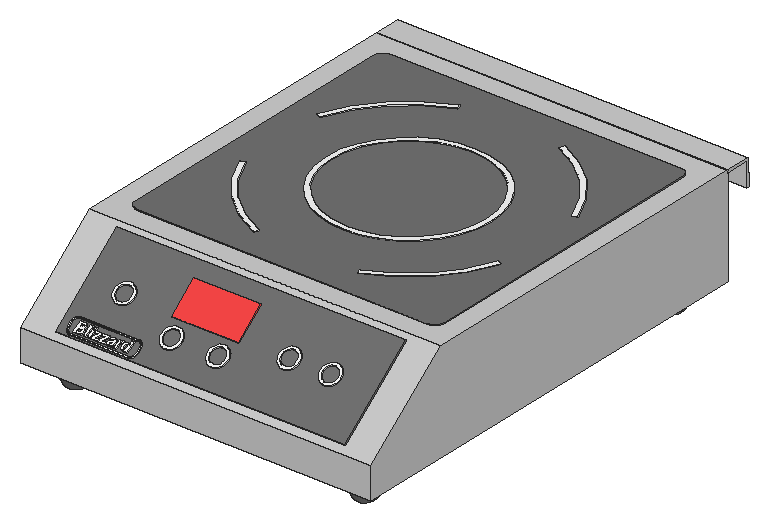
Revit family "QF_BLIZZARD_BIH1", category Specialty Equipment, Revit 2016
Family settings
  Part Type = Normal
  Round Connector Dimension = Use Diameter
  OmniClass Number = 23.40.40.14
  OmniClass Title = Food Service Equipment
  Work Plane-Based = No
  Always vertical = Yes
  Cut with Voids When Loaded = No
  Shared = No
  Room Calculation Point = No
Parameters (values of type "BIH1")
  URL = "www.blizzardequipment.com"
  Show Logo [instance] = yes
  Show Clearance [instance] = yes
  Model = "BIH1"
  Manufacturer = "BLIZZARD"
  Description = "SINGLE INDUCTION HOB 3000W"
  Assembly Code = "E1090320"
Reference planes
  plane 1 "Back": y = 0
  plane 2: z = 0
  plane 3 "Left": x = 0
  plane 4 "Right": x = 340
  plane 5 "Front": y = -432
  plane 6 "Top": z = 117
Forms (mm)
  Extrusion 1, solid
    sketch origin (0, 0, 0) x (0, 1, 0) y (0, 0, 1)
      loop
        line (0, 117) -> (-347.312, 117) -> (-432, 50) -> (-432, 20) -> (0, 20) -> (0, 117)
    from 0 to 340
  Blend 2, solid
    base sketch origin (360.349, -755.214, 1.362) x (-1, 0, 0) y (0, -1, 0)
      loop
        circle (50.349, -353.214) r 10
    top sketch origin (360.349, -755.214, 1.362) x (-1, 0, 0) y (0, -1, 0)
      loop
        circle (50.349, -353.214) r 20
    from -1.362 to 18.638
  Blend 3, solid
    base sketch origin (-20.349, -755.214, 1.362) x (1, 0, 0) y (0, 1, 0)
      loop
        circle (50.349, 353.214) r 10
    top sketch origin (-20.349, -755.214, 1.362) x (1, 0, 0) y (0, 1, 0)
      loop
        circle (50.349, 353.214) r 20
    from -1.362 to 18.638
  Blend 4, solid
    base sketch origin (360.349, 323.214, 1.362) x (-1, 0, 0) y (0, -1, 0)
      loop
        circle (50.349, 353.214) r 10
    top sketch origin (360.349, 323.214, 1.362) x (-1, 0, 0) y (0, -1, 0)
      loop
        circle (50.349, 353.214) r 20
    from -1.362 to 18.638
  Blend 5, solid
    base sketch origin (-20.349, 323.214, 1.362) x (1, 0, 0) y (0, 1, 0)
      loop
        circle (50.349, -353.214) r 10
    top sketch origin (-20.349, 323.214, 1.362) x (1, 0, 0) y (0, 1, 0)
      loop
        circle (50.349, -353.214) r 20
    from -1.362 to 18.638
  Extrusion 6, solid
    sketch origin (0, 0, 115.2) x (1, 0, 0) y (0, 1, 0)
      loop
        arc (30, -20) -> (22.929, -22.929) -> (20, -30) r 10
        line (20, -30) -> (20, -317.312)
        arc (20, -317.312) -> (22.929, -324.384) -> (30, -327.312) r 10
        line (30, -327.312) -> (310, -327.312)
        arc (310, -327.312) -> (317.071, -324.384) -> (320, -317.312) r 10
        line (320, -317.312) -> (320, -30)
        arc (320, -30) -> (317.071, -22.929) -> (310, -20) r 10
        line (310, -20) -> (30, -20)
    from 0 to 2
  Extrusion 7, solid
    sketch origin (0, -243.678, 196.693) x (1, 0, 0) y (0, 0.784245, 0.620451)
      loop
        line (30, -136.712) -> (30, -230.993) -> (310, -230.993) -> (310, -136.712) -> (30, -136.712)
    from 0 to 2
  Extrusion 8, solid
    sketch origin (18.741, -23.588, 371.07) x (1, 0, 0) y (0, 0.784245, 0.620451)
      loop
        circle (47.556, -464.141) r 10
      loop
        circle (47.556, -464.141) r 7.601
    from 0 to 2
  Extrusion 9, solid
    sketch origin (76.499, -38.481, 359.288) x (1, 0, 0) y (0, 0.784245, 0.620451)
      loop
        circle (47.556, -464.141) r 10
      loop
        circle (47.556, -464.141) r 7.601
    from 0 to 2
  Extrusion 10, solid
    sketch origin (121.499, -38.481, 359.288) x (1, 0, 0) y (0, 0.784245, 0.620451)
      loop
        circle (47.556, -464.141) r 10
      loop
        circle (47.556, -464.141) r 7.601
    from 0 to 2
  Extrusion 11, solid
    sketch origin (98.846, -12.568, 379.789) x (1, 0, 0) y (0, 0.784245, 0.620451)
      loop
        line (15.182, -446.559) -> (15.182, -481.559) -> (80.182, -481.559) -> (80.182, -446.559) -> (15.182, -446.559)
    from 0 to 2
  Extrusion 12, solid
    sketch origin (0, 0, 115.4) x (1, 0, 0) y (0, 1, 0)
      loop
        circle (170, -173.656) r 80
      loop
        circle (170, -173.656) r 75
    from 0 to 2
  Extrusion 13, solid
    sketch origin (0, 0, 115.4) x (1, 0, 0) y (0, 1, 0)
      loop
        arc (48.046, -128.63) -> (76.664, -83.166) -> (121.221, -53.155) r 130
        line (121.221, -53.155) -> (119.345, -48.52)
        arc (119.345, -48.52) -> (73.074, -79.686) -> (43.356, -126.899) r 135
        line (43.356, -126.899) -> (48.046, -128.63)
      loop
        line (291.954, -128.63) -> (296.644, -126.899)
        arc (296.644, -126.899) -> (266.926, -79.686) -> (220.655, -48.52) r 135
        line (220.655, -48.52) -> (218.779, -53.155)
        arc (218.779, -53.155) -> (263.336, -83.166) -> (291.954, -128.63) r 130
      loop
        line (48.046, -218.682) -> (43.356, -220.414)
        arc (43.356, -220.414) -> (73.074, -267.627) -> (119.345, -298.792) r 135
        line (119.345, -298.792) -> (121.221, -294.158)
        arc (121.221, -294.158) -> (76.664, -264.146) -> (48.046, -218.682) r 130
      loop
        arc (291.954, -218.682) -> (263.336, -264.146) -> (218.779, -294.158) r 130
        line (218.779, -294.158) -> (220.655, -298.792)
        arc (220.655, -298.792) -> (266.926, -267.627) -> (296.644, -220.414) r 135
        line (296.644, -220.414) -> (291.954, -218.682)
    from 0 to 2
  Extrusion 14, solid, visible <- "Show Logo"
    sketch origin (13.082, -525.519, -26.029) x (1, 0, 0) y (0, 0.784245, 0.620451)
      loop
        line (30.3, 133.137) -> (36.162, 133.137)
        arc (36.162, 133.137) -> (39.122, 134.994) -> (38.048, 138.319) r 2.844
        arc (38.048, 138.319) -> (38.838, 141.267) -> (36.338, 143.017) r 2.66
        line (36.338, 143.017) -> (31.338, 143.017) -> (30.3, 133.137)
      loop
        line (33.066, 135.126) -> (35.993, 135.126)
        arc (35.993, 135.126) -> (36.943, 136.076) -> (35.993, 137.026) r 0.95
        line (35.993, 137.026) -> (33.066, 137.026) -> (33.066, 135.126)
      loop
        line (33.528, 139.285) -> (36.147, 139.285)
        arc (36.147, 139.285) -> (36.994, 140.133) -> (36.147, 140.98) r 0.847
        line (36.147, 140.98) -> (33.528, 140.98) -> (33.528, 139.285)
      loop
        line (40.306, 133.137) -> (42.874, 133.137) -> (43.912, 143.017) -> (41.344, 143.017) -> (40.306, 133.137)
      loop
        line (45.174, 140.98) -> (47.749, 140.98) -> (47.964, 143.017) -> (45.389, 143.017) -> (45.174, 140.98)
      loop
        line (45.104, 140.313) -> (44.35, 133.137) -> (46.671, 133.137) -> (47.425, 140.313) -> (45.104, 140.313)
      loop
        line (48.314, 138.359) -> (51.196, 138.359) -> (47.765, 134.548) -> (47.765, 133.137) -> (54.184, 133.137) -> (54.393, 135.126) -> (51.213, 135.126) -> (54.657, 138.952) -> (54.657, 140.313) -> (48.519, 140.313) -> (48.314, 138.359)
      loop
        line (55.213, 138.359) -> (58.095, 138.359) -> (54.664, 134.548) -> (54.664, 133.137) -> (61.084, 133.137) -> (61.293, 135.126) -> (58.112, 135.126) -> (61.557, 138.952) -> (61.557, 140.313) -> (55.419, 140.313) -> (55.213, 138.359)
      loop
        arc (64.816, 137.983) -> (65.785, 138.952) -> (66.753, 137.983) r 0.969
        line (66.753, 137.983) -> (64.711, 137.436)
        arc (64.711, 137.436) -> (62.642, 134.297) -> (66.342, 133.633) r 2.251
        line (66.342, 133.633) -> (66.77, 132.921) -> (69.168, 132.921) -> (68.641, 134.052) -> (69.084, 138.274)
        arc (69.084, 138.274) -> (65.782, 140.567) -> (62.514, 138.225) r 3.488
        line (62.514, 138.225) -> (64.816, 137.983)
      loop
        line (69.848, 133.137) -> (72.232, 133.137) -> (72.59, 136.546)
        arc (72.59, 136.546) -> (73.413, 137.974) -> (75.025, 138.32) r 2.029
        line (75.025, 138.32) -> (75.83, 140.313)
        arc (75.83, 140.313) -> (74.279, 140.541) -> (72.927, 139.749) r 2.362
        line (72.927, 139.749) -> (72.927, 140.627) -> (70.635, 140.627) -> (69.848, 133.137)
      loop
        line (82.596, 133.137) -> (83.635, 143.017) -> (81.373, 143.017) -> (81.031, 139.764)
        arc (81.031, 139.764) -> (75.402, 137.124) -> (80.359, 133.372) r 3.631
        line (80.359, 133.372) -> (82.596, 133.137)
      loop
        spline (78.956, 134.82) -> (79.32, 134.851) -> (79.675, 135.016) -> (79.994, 135.304) -> (80.258, 135.695) -> (80.446, 136.164) -> (80.548, 136.677) -> (80.555, 137.2) -> (80.468, 137.697) -> (80.292, 138.134) -> (80.039, 138.483) -> (79.727, 138.718) -> (79.376, 138.823)
        spline (79.376, 138.823) -> (79.011, 138.793) -> (78.657, 138.628) -> (78.338, 138.34) -> (78.074, 137.948) -> (77.886, 137.48) -> (77.784, 136.967) -> (77.777, 136.444) -> (77.864, 135.947) -> (78.04, 135.509) -> (78.293, 135.161) -> (78.605, 134.926) -> (78.956, 134.82)
      loop
        line (66.385, 136.28) -> (64.729, 135.958)
        arc (64.729, 135.958) -> (64.361, 135.233) -> (65.042, 134.788) r 0.609
        arc (65.042, 134.788) -> (66.068, 135.215) -> (66.385, 136.28) r 1.295
      loop
        line (85.459, 146.184) -> (29.578, 146.184)
        arc (29.578, 146.184) -> (25.494, 144.492) -> (23.802, 140.407) r 5.777
        line (23.802, 140.407) -> (23.802, 135.662)
        arc (23.802, 135.662) -> (25.494, 131.578) -> (29.578, 129.886) r 5.777
        line (29.578, 129.886) -> (85.459, 129.886)
        arc (85.459, 129.886) -> (89.544, 131.578) -> (91.236, 135.662) r 5.777
        line (91.236, 135.662) -> (91.236, 140.407)
        arc (91.236, 140.407) -> (89.544, 144.492) -> (85.459, 146.184) r 5.777
      loop
        line (85.459, 145.184) -> (29.578, 145.184)
        arc (29.578, 145.184) -> (26.201, 143.785) -> (24.802, 140.407) r 4.777
        line (24.802, 140.407) -> (24.802, 135.662)
        arc (24.802, 135.662) -> (26.201, 132.285) -> (29.578, 130.886) r 4.777
        line (29.578, 130.886) -> (85.459, 130.886)
        arc (85.459, 130.886) -> (88.837, 132.285) -> (90.236, 135.662) r 4.777
        line (90.236, 135.662) -> (90.236, 140.407)
        arc (90.236, 140.407) -> (88.837, 143.785) -> (85.459, 145.184) r 4.777
    from 0 to 2
  Extrusion 15, solid
    sketch origin (0, 0, 0) x (0, 1, 0) y (0, 0, 1)
      loop
        line (0, 117) -> (0, 115) -> (23, 115) -> (23, 92) -> (25, 92) -> (25, 117) -> (0, 117)
    from 0 to 340
  Extrusion 16, solid
    sketch origin (178.741, -23.588, 371.07) x (1, 0, 0) y (0, 0.784245, 0.620451)
      loop
        circle (47.556, -464.141) r 10
      loop
        circle (47.556, -464.141) r 7.601
    from 0 to 2
  Extrusion 17, solid
    sketch origin (218.741, -23.588, 371.07) x (1, 0, 0) y (0, 0.784245, 0.620451)
      loop
        circle (47.556, -464.141) r 10
      loop
        circle (47.556, -464.141) r 7.601
    from 0 to 2
Lines and regions (mm)
  reference lines
    curve 1: line (0, -183.475, 1485) -> (0, -697.791, 1021.908)
  symbolic lines, style "200-EquipBorder-2D"
    curve 2: line (0, 0, 0) -> (340, 0, 0)
    curve 3: line (0, -432, 0) -> (0, 25, 0)
    curve 4: line (340, -432, 0) -> (0, -432, 0)
    curve 5: line (340, 25, 0) -> (340, -432, 0)
    curve 25: line (340, 25, 0) -> (0, 25, 0)
  symbolic lines, style "200-EquipInternal-2D"
    curve 6: line (0, -347.312, 0) -> (340, -347.312, 0)
    curve 7: arc (119.345, -48.52, 0) -> (73.074, -79.686, 0) -> (43.356, -126.899, 0) r 135
    curve 8: arc (48.046, -128.63, 0) -> (76.664, -83.166, 0) -> (121.221, -53.155, 0) r 130
    curve 9: line (43.356, -126.899, 0) -> (48.046, -128.63, 0)
    curve 10: line (121.221, -53.155, 0) -> (119.345, -48.52, 0)
    curve 11: arc (218.779, -53.155, 0) -> (263.336, -83.166, 0) -> (291.954, -128.63, 0) r 130
    curve 12: arc (296.644, -126.899, 0) -> (266.926, -79.686, 0) -> (220.655, -48.52, 0) r 135
    curve 13: line (220.655, -48.52, 0) -> (218.779, -53.155, 0)
    curve 14: line (291.954, -128.63, 0) -> (296.644, -126.899, 0)
    curve 15: circle (170, -173.656, 0) r 75 normal (0, 0, -1)
    curve 16: circle (170, -173.656, 0) r 80 normal (0, 0, 1)
    curve 17: arc (119.345, -298.792, 0) -> (73.074, -267.627, 0) -> (43.356, -220.414, 0) r 135
    curve 18: arc (48.046, -218.682, 0) -> (76.664, -264.146, 0) -> (121.221, -294.158, 0) r 130
    curve 19: line (43.356, -220.414, 0) -> (48.046, -218.682, 0)
    curve 20: line (121.221, -294.158, 0) -> (119.345, -298.792, 0)
    curve 21: arc (220.655, -298.792, 0) -> (266.926, -267.627, 0) -> (296.644, -220.414, 0) r 135
    curve 22: arc (291.954, -218.682, 0) -> (263.336, -264.146, 0) -> (218.779, -294.158, 0) r 130
    curve 23: line (296.644, -220.414, 0) -> (291.954, -218.682, 0)
    curve 24: line (218.779, -294.158, 0) -> (220.655, -298.792, 0)
    curve 26: line (310, -20, 0) -> (30, -20, 0)
    curve 27: arc (30, -20, 0) -> (22.929, -22.929, 0) -> (20, -30, 0) r 10
    curve 28: line (20, -30, 0) -> (20, -317.312, 0)
    curve 29: arc (320, -30, 0) -> (317.071, -22.929, 0) -> (310, -20, 0) r 10
    curve 30: line (320, -317.312, 0) -> (320, -30, 0)
    curve 31: arc (310, -327.312, 0) -> (317.071, -324.384, 0) -> (320, -317.312, 0) r 10
    curve 32: line (30, -327.312, 0) -> (310, -327.312, 0)
    curve 33: arc (20, -317.312, 0) -> (22.929, -324.384, 0) -> (30, -327.312, 0) r 10
    curve 34: line (30, -352.135, 0) -> (30, -426.074, 0)
    curve 35: line (310, -352.135, 0) -> (30, -352.135, 0)
    curve 36: line (310, -426.074, 0) -> (310, -352.135, 0)
    curve 37: line (30, -426.074, 0) -> (310, -426.074, 0)
    curve 38: line (114.028, -391.469, 0) -> (179.028, -391.469, 0)
    curve 39: line (114.028, -364.02, 0) -> (114.028, -391.469, 0)
    curve 40: line (179.028, -364.02, 0) -> (114.028, -364.02, 0)
    curve 41: line (179.028, -391.469, 0) -> (179.028, -364.02, 0)
    curve 42: spline (56.297, -388.829, 0) -> (56.638, -390.859, 0) -> (57.637, -392.751, 0) -> (59.226, -394.375, 0) -> (61.297, -395.621, 0) -> (63.709, -396.405, 0) -> (66.297, -396.672, 0) -> (68.885, -396.405, 0) -> (71.297, -395.621, 0) -> (73.368, -394.375, 0) -> (74.957, -392.751, 0) -> (75.956, -390.859, 0) -> (76.297, -388.829, 0)
    curve 43: spline (76.297, -388.829, 0) -> (75.956, -386.8, 0) -> (74.957, -384.908, 0) -> (73.368, -383.284, 0) -> (71.297, -382.038, 0) -> (68.885, -381.254, 0) -> (66.297, -380.987, 0) -> (63.709, -381.254, 0) -> (61.297, -382.038, 0) -> (59.226, -383.284, 0) -> (57.637, -384.908, 0) -> (56.638, -386.8, 0) -> (56.297, -388.829, 0)
    curve 44: spline (58.696, -388.829, 0) -> (58.955, -387.287, 0) -> (59.715, -385.849, 0) -> (60.922, -384.614, 0) -> (62.497, -383.667, 0) -> (64.33, -383.072, 0) -> (66.297, -382.868, 0) -> (68.264, -383.072, 0) -> (70.098, -383.667, 0) -> (71.672, -384.614, 0) -> (72.88, -385.849, 0) -> (73.639, -387.287, 0) -> (73.898, -388.829, 0)
    curve 45: spline (73.898, -388.829, 0) -> (73.639, -390.372, 0) -> (72.88, -391.81, 0) -> (71.672, -393.045, 0) -> (70.098, -393.992, 0) -> (68.264, -394.587, 0) -> (66.297, -394.791, 0) -> (64.33, -394.587, 0) -> (62.497, -393.992, 0) -> (60.922, -393.045, 0) -> (59.715, -391.81, 0) -> (58.955, -390.372, 0) -> (58.696, -388.829, 0)
    curve 46: spline (216.297, -388.829, 0) -> (216.638, -390.859, 0) -> (217.637, -392.751, 0) -> (219.226, -394.375, 0) -> (221.297, -395.621, 0) -> (223.709, -396.405, 0) -> (226.297, -396.672, 0) -> (228.885, -396.405, 0) -> (231.297, -395.621, 0) -> (233.368, -394.375, 0) -> (234.957, -392.751, 0) -> (235.956, -390.859, 0) -> (236.297, -388.829, 0)
    curve 47: spline (236.297, -388.829, 0) -> (235.956, -386.8, 0) -> (234.957, -384.908, 0) -> (233.368, -383.284, 0) -> (231.297, -382.038, 0) -> (228.885, -381.254, 0) -> (226.297, -380.987, 0) -> (223.709, -381.254, 0) -> (221.297, -382.038, 0) -> (219.226, -383.284, 0) -> (217.637, -384.908, 0) -> (216.638, -386.8, 0) -> (216.297, -388.829, 0)
    curve 48: spline (218.696, -388.829, 0) -> (218.955, -387.287, 0) -> (219.715, -385.849, 0) -> (220.922, -384.614, 0) -> (222.497, -383.667, 0) -> (224.33, -383.072, 0) -> (226.297, -382.868, 0) -> (228.264, -383.072, 0) -> (230.098, -383.667, 0) -> (231.672, -384.614, 0) -> (232.88, -385.849, 0) -> (233.639, -387.287, 0) -> (233.898, -388.829, 0)
    curve 49: spline (233.898, -388.829, 0) -> (233.639, -390.372, 0) -> (232.88, -391.81, 0) -> (231.672, -393.045, 0) -> (230.098, -393.992, 0) -> (228.264, -394.587, 0) -> (226.297, -394.791, 0) -> (224.33, -394.587, 0) -> (222.497, -393.992, 0) -> (220.922, -393.045, 0) -> (219.715, -391.81, 0) -> (218.955, -390.372, 0) -> (218.696, -388.829, 0)
    curve 50: spline (256.297, -388.829, 0) -> (256.638, -390.859, 0) -> (257.637, -392.751, 0) -> (259.226, -394.375, 0) -> (261.297, -395.621, 0) -> (263.709, -396.405, 0) -> (266.297, -396.672, 0) -> (268.885, -396.405, 0) -> (271.297, -395.621, 0) -> (273.368, -394.375, 0) -> (274.957, -392.751, 0) -> (275.956, -390.859, 0) -> (276.297, -388.829, 0)
    curve 51: spline (276.297, -388.829, 0) -> (275.956, -386.8, 0) -> (274.957, -384.908, 0) -> (273.368, -383.284, 0) -> (271.297, -382.038, 0) -> (268.885, -381.254, 0) -> (266.297, -380.987, 0) -> (263.709, -381.254, 0) -> (261.297, -382.038, 0) -> (259.226, -383.284, 0) -> (257.637, -384.908, 0) -> (256.638, -386.8, 0) -> (256.297, -388.829, 0)
    curve 52: spline (258.696, -388.829, 0) -> (258.955, -387.287, 0) -> (259.715, -385.849, 0) -> (260.922, -384.614, 0) -> (262.497, -383.667, 0) -> (264.33, -383.072, 0) -> (266.297, -382.868, 0) -> (268.264, -383.072, 0) -> (270.098, -383.667, 0) -> (271.672, -384.614, 0) -> (272.88, -385.849, 0) -> (273.639, -387.287, 0) -> (273.898, -388.829, 0)
    curve 53: spline (273.898, -388.829, 0) -> (273.639, -390.372, 0) -> (272.88, -391.81, 0) -> (271.672, -393.045, 0) -> (270.098, -393.992, 0) -> (268.264, -394.587, 0) -> (266.297, -394.791, 0) -> (264.33, -394.587, 0) -> (262.497, -393.992, 0) -> (260.922, -393.045, 0) -> (259.715, -391.81, 0) -> (258.955, -390.372, 0) -> (258.696, -388.829, 0)
    curve 54: spline (114.055, -403.722, 0) -> (114.396, -405.752, 0) -> (115.395, -407.643, 0) -> (116.984, -409.267, 0) -> (119.055, -410.514, 0) -> (121.467, -411.297, 0) -> (124.055, -411.564, 0) -> (126.643, -411.297, 0) -> (129.055, -410.514, 0) -> (131.126, -409.267, 0) -> (132.715, -407.643, 0) -> (133.714, -405.752, 0) -> (134.055, -403.722, 0)
    curve 55: spline (134.055, -403.722, 0) -> (133.714, -401.692, 0) -> (132.715, -399.801, 0) -> (131.126, -398.177, 0) -> (129.055, -396.93, 0) -> (126.643, -396.147, 0) -> (124.055, -395.88, 0) -> (121.467, -396.147, 0) -> (119.055, -396.93, 0) -> (116.984, -398.177, 0) -> (115.395, -399.801, 0) -> (114.396, -401.692, 0) -> (114.055, -403.722, 0)
    curve 56: spline (116.454, -403.722, 0) -> (116.713, -402.179, 0) -> (117.472, -400.741, 0) -> (118.68, -399.507, 0) -> (120.255, -398.56, 0) -> (122.088, -397.964, 0) -> (124.055, -397.761, 0) -> (126.022, -397.964, 0) -> (127.856, -398.56, 0) -> (129.43, -399.507, 0) -> (130.638, -400.741, 0) -> (131.397, -402.179, 0) -> (131.656, -403.722, 0)
    curve 57: spline (131.656, -403.722, 0) -> (131.397, -405.265, 0) -> (130.638, -406.703, 0) -> (129.43, -407.937, 0) -> (127.856, -408.884, 0) -> (126.022, -409.48, 0) -> (124.055, -409.683, 0) -> (122.088, -409.48, 0) -> (120.255, -408.884, 0) -> (118.68, -407.937, 0) -> (117.472, -406.703, 0) -> (116.713, -405.265, 0) -> (116.454, -403.722, 0)
    curve 58: spline (159.055, -403.722, 0) -> (159.396, -405.752, 0) -> (160.395, -407.643, 0) -> (161.984, -409.267, 0) -> (164.055, -410.514, 0) -> (166.467, -411.297, 0) -> (169.055, -411.564, 0) -> (171.643, -411.297, 0) -> (174.055, -410.514, 0) -> (176.126, -409.267, 0) -> (177.715, -407.643, 0) -> (178.714, -405.752, 0) -> (179.055, -403.722, 0)
    curve 59: spline (179.055, -403.722, 0) -> (178.714, -401.692, 0) -> (177.715, -399.801, 0) -> (176.126, -398.177, 0) -> (174.055, -396.93, 0) -> (171.643, -396.147, 0) -> (169.055, -395.88, 0) -> (166.467, -396.147, 0) -> (164.055, -396.93, 0) -> (161.984, -398.177, 0) -> (160.395, -399.801, 0) -> (159.396, -401.692, 0) -> (159.055, -403.722, 0)
    curve 60: spline (161.454, -403.722, 0) -> (161.713, -402.179, 0) -> (162.472, -400.741, 0) -> (163.68, -399.507, 0) -> (165.255, -398.56, 0) -> (167.088, -397.964, 0) -> (169.055, -397.761, 0) -> (171.022, -397.964, 0) -> (172.856, -398.56, 0) -> (174.43, -399.507, 0) -> (175.638, -400.741, 0) -> (176.397, -402.179, 0) -> (176.656, -403.722, 0)
    curve 61: spline (176.656, -403.722, 0) -> (176.397, -405.265, 0) -> (175.638, -406.703, 0) -> (174.43, -407.937, 0) -> (172.856, -408.884, 0) -> (171.022, -409.48, 0) -> (169.055, -409.683, 0) -> (167.088, -409.48, 0) -> (165.255, -408.884, 0) -> (163.68, -407.937, 0) -> (162.472, -406.703, 0) -> (161.713, -405.265, 0) -> (161.454, -403.722, 0)
Dimensions and locks
  plane 3 "Left" to plane 4 "Right" = 340 mm
  plane 5 "Front" to plane 1 "Back" = 432 mm
  plane 1 "Back" to plane 5 "Front" = 432 mm
  plane 4 "Right" to plane 3 "Left" = 340 mm
  plane 6 "Top" to level = 117 mm  (x2)
  aligned and locked: level to plane 2
